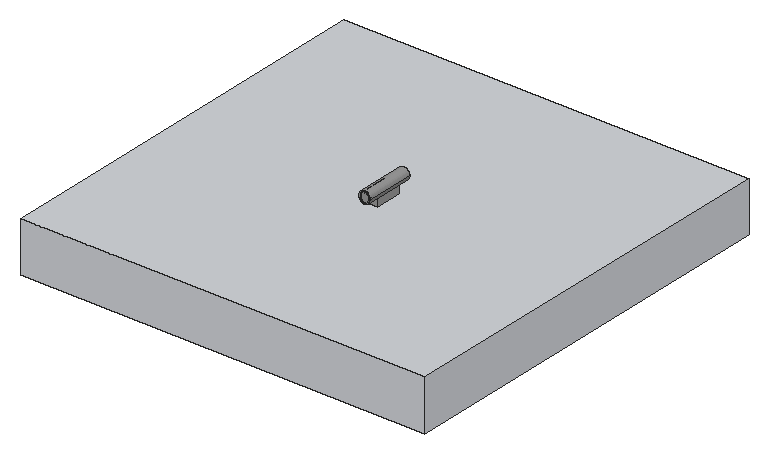
Revit family "LAMP_LUP WALL 70 DIRECT", category Luminarias, Revit 2018 (continued)
Parameters (values of type "665LM 3000 ASYM BLACK")
    4.04 3.62 3.35 3.11 2.87 2.64 2.41 \r\n2.17 1.89 1.48 1.02 0.57 0.30 0.15 0.00 0.00 0.00 0.00 \r\n0.00 0.00 0.00 0.00 0.00 0.00 0.00 0.00 0.00 0.00 0.00 \r\n0.00 0.00 0.00 0.00 0.00 0.00 0.00 0.00 0.00 0.00 0.00 \r\n0.00 0.00 0.00 0.00 0.00 0.00 0.00 0.00 0.00 0.00 0.00 \r\n0.00 0.00 0.00 0.00 0.00 0.00 0.00 0.00 0.00 \r\n455.10 356.54 275.65 201.37 136.33 87.10 53.78 46.05 \r\n42.76 42.68 43.61 43.86 43.09 40.63 37.17 32.95 28.81 \r\n25.23 22.28 20.21 18.32 16.48 14.23 12.32 10.81 9.40 8.15 \r\n7.07 6.32 5.49 4.61 4.03 3.62 3.36 3.11 2.87 2.64 2.40 \r\n2.16 1.89 1.47 1.02 0.56 0.30 0.15 0.00 0.00 0.00 0.00 \r\n0.00 0.00 0.00 0.00 0.00 0.00 0.00 0.00 0.00 0.00 0.00 \r\n0.00 0.00 0.00 0.00 0.00 0.00 0.00 0.00 0.00 0.00 0.00 \r\n0.00 0.00 0.00 0.00 0.00 0.00 0.00 0.00 0.00 0.00 0.00 \r\n0.00 0.00 0.00 0.00 0.00 0.00 0.00 0.00 0.00 \r\n455.10 356.38 275.36 200.97 135.86 86.72 53.75 45.88 \r\n42.70 42.65 43.59 43.82 43.03 40.53 37.07 32.84 28.69 \r\n25.11 22.16 20.11 18.21 16.38 14.14 12.26 10.78 9.38 8.15 \r\n7.06 6.30 5.46 4.58 4.02 3.62 3.36 3.11 2.87 2.64 2.41 \r\n2.16 1.88 1.47 1.01 0.56 0.30 0.15 0.00 0.00 0.00 0.00 \r\n0.00 0.00 0.00 0.00 0.00 0.00 0.00 0.00 0.00 0.00 0.00 \r\n0.00 0.00 0.00 0.00 0.00 0.00 0.00 0.00 0.00 0.00 0.00 \r\n0.00 0.00 0.00 0.00 0.00 0.00 0.00 0.00 0.00 0.00 0.00 \r\n0.00 0.00 0.00 0.00 0.00 0.00 0.00 0.00 0.00 \r\n455.10 356.32 275.27 200.83 135.70 86.61 53.71 45.85 \r\n42.69 42.65 43.58 43.80 43.01 40.49 37.02 32.80 28.63 \r\n25.04 22.09 20.04 18.15 16.32 14.09 12.21 10.75 9.36 8.14 \r\n7.06 6.29 5.46 4.56 4.01 3.62 3.36 3.11 2.88 2.64 2.41 \r\n2.16 1.88 1.46 1.00 0.55 0.30 0.15 0.00 0.00 0.00 0.00 \r\n0.00 0.00 0.00 0.00 0.00 0.00 0.00 0.00 0.00 0.00 0.00 \r\n0.00 0.00 0.00 0.00 0.00 0.00 0.00 0.00 0.00 0.00 0.00 \r\n0.00 0.00 0.00 0.00 0.00 0.00 0.00 0.00 0.00 0.00 0.00 \r\n0.00 0.00 0.00 0.00 0.00 0.00 0.00 0.00 0.00 \r\n455.10 356.38 275.36 200.97 135.86 86.72 53.75 45.88 \r\n42.70 42.65 43.59 43.82 43.03 40.53 37.07 32.84 28.69 \r\n25.11 22.16 20.11 18.21 16.38 14.14 12.26 10.78 9.38 8.15 \r\n7.06 6.30 5.46 4.58 4.02 3.62 3.36 3.11 2.87 2.64 2.41 \r\n2.16 1.88 1.47 1.01 0.56 0.30 0.15 0.00 0.00 0.00 0.00 \r\n0.00 0.00 0.00 0.00 0.00 0.00 0.00 0.00 0.00 0.00 0.00 \r\n0.00 0.00 0.00 0.00 0.00 0.00 0.00 0.00 0.00 0.00 0.00 \r\n0.00 0.00 0.00 0.00 0.00 0.00 0.00 0.00 0.00 0.00 0.00 \r\n0.00 0.00 0.00 0.00 0.00 0.00 0.00 0.00 0.00 \r\n455.10 356.54 275.65 201.37 136.33 87.10 53.78 46.05 \r\n42.76 42.68 43.61 43.86 43.09 40.63 37.17 32.95 28.81 \r\n25.23 22.28 20.21 18.32 16.48 14.23 12.32 10.81 9.40 8.15 \r\n7.07 6.32 5.49 4.61 4.03 3.62 3.36 3.11 2.87 2.64 2.40 \r\n2.16 1.89 1.47 1.02 0.56 0.30 0.15 0.00 0.00 0.00 0.00 \r\n0.00 0.00 0.00 0.00 0.00 0.00 0.00 0.00 0.00 0.00 0.00 \r\n0.00 0.00 0.00 0.00 0.00 0.00 0.00 0.00 0.00 0.00 0.00 \r\n0.00 0.00 0.00 0.00 0.00 0.00 0.00 0.00 0.00 0.00 0.00 \r\n0.00 0.00 0.00 0.00 0.00 0.00 0.00 0.00 0.00 \r\n455.10 356.81 276.12 202.01 136.89 87.80 53.84 46.31 \r\n42.84 42.72 43.63 43.90 43.14 40.73 37.28 33.05 28.93 \r\n25.34 22.40 20.31 18.41 16.59 14.31 12.39 10.85 9.42 8.16 \r\n7.07 6.33 5.51 4.64 4.04 3.62 3.35 3.11 2.87 2.64 2.41 \r\n2.17 1.89 1.48 1.02 0.57 0.30 0.15 0.00 0.00 0.00 0.00 \r\n0.00 0.00 0.00 0.00 0.00 0.00 0.00 0.00 0.00 0.00 0.00 \r\n0.00 0.00 0.00 0.00 0.00 0.00 0.00 0.00 0.00 0.00 0.00 \r\n0.00 0.00 0.00 0.00 0.00 0.00 0.00 0.00 0.00 0.00 0.00 \r\n0.00 0.00 0.00 0.00 0.00 0.00 0.00 0.00 0.00 \r\n455.10 357.19 276.79 202.78 137.76 88.73 53.94 46.55 \r\n42.90 42.75 43.66 43.94 43.19 40.82 37.39 33.15 29.05 \r\n25.46 22.51 20.42 18.51 16.69 14.40 12.45 10.87 9.44 8.17 \r\n7.10 6.35 5.54 4.66 4.05 3.62 3.35 3.11 2.87 2.64 2.41 \r\n2.17 1.89 1.49 1.03 0.57 0.30 0.16 0.00 0.00 0.00 0.00 \r\n0.00 0.00 0.00 0.00 0.00 0.00 0.00 0.00 0.00 0.00 0.00 \r\n0.00 0.00 0.00 0.00 0.00 0.00 0.00 0.00 0.00 0.00 0.00 \r\n0.00 0.00 0.00 0.00 0.00 0.00 0.00 0.00 0.00 0.00 0.00 \r\n0.00 0.00 0.00 0.00 0.00 0.00 0.00 0.00 0.00 \r\n455.10 357.67 277.64 203.84 138.93 89.85 54.76 46.79 \r\n42.98 42.78 43.68 43.98 43.27 40.91 37.49 33.26 29.16 \r\n25.58 22.60 20.52 18.62 16.78 14.48 12.51 10.91 9.45 8.18 \r\n7.12 6.36 5.56 4.68 4.06 3.62 3.35 3.10 2.87 2.64 2.41 \r\n2.17 1.90 1.49 1.04 0.58 0.31 0.16 0.00 0.00 0.00 0.00 \r\n0.00 0.00 0.00 0.00 0.00 0.00 0.00 0.00 0.00 0.00 0.00 \r\n0.00 0.00 0.00 0.00 0.00 0.00 0.00 0.00 0.00 0.00 0.00 \r\n0.00 0.00 0.00 0.00 0.00 0.00 0.00 0.00 0.00 0.00 0.00 \r\n0.00 0.00 0.00 0.00 0.00 0.00 0.00 0.00 0.00 \r\n455.10 358.27 278.68 205.17 140.42 90.87 56.11 47.11 \r\n43.04 42.79 43.70 44.02 43.39 40.99 37.60 33.37 29.27 \r\n25.70 22.64 20.62 18.72 16.87 14.57 12.57 10.95 9.47 8.19 \r\n7.13 6.38 5.58 4.70 4.07 3.62 3.35 3.10 2.87 2.64 2.41 \r\n2.17 1.90 1.50 1.05 0.58 0.31 0.16 0.00 0.00 0.00 0.00 \r\n0.00 0.00 0.00 0.00 0.00 0.00 0.00 0.00 0.00 0.00 0.00 \r\n0.00 0.00 0.00 0.00 0.00 0.00 0.00 0.00 0.00 0.00 0.00 \r\n0.00 0.00 0.00 0.00 0.00 0.00 0.00 0.00 0.00 0.00 0.00 \r\n0.00 0.00 0.00 0.00 0.00 0.00 0.00 0.00 0.00 \r\n455.10 358.96 279.90 206.77 142.29 92.18 57.75 47.54 \r\n43.12 42.78 43.72 44.06 43.57 41.09 37.70 33.49 29.40 \r\n25.81 22.81 20.73 18.82 16.98 14.65 12.64 10.98 9.49 8.20 \r\n7.12 6.40 5.60 4.74 4.09 3.62 3.34 3.10 2.86 2.64 2.41 \r\n2.18 1.91 1.50 1.05 0.58 0.32 0.16 0.00 0.00 0.00 0.00 \r\n0.00 0.00 0.00 0.00 0.00 0.00 0.00 0.00 0.00 0.00 0.00 \r\n0.00 0.00 0.00 0.00 0.00 0.00 0.00 0.00 0.00 0.00 0.00 \r\n0.00 0.00 0.00 0.00 0.00 0.00 0.00 0.00 0.00 0.00 0.00 \r\n0.00 0.00 0.00 0.00 0.00 0.00 0.00 0.00 0.00 \r\n455.10 359.76 281.32 208.65 144.54 93.85 60.24 48.15 \r\n43.29 42.76 43.74 44.10 43.61 41.20 37.84 33.65 29.59 \r\n26.02 23.02 20.90 18.98 17.13 14.79 12.75 11.05 9.52 8.22 \r\n7.15 6.41 5.63 4.78 4.10 3.62 3.34 3.09 2.86 2.63 2.40 \r\n2.17 1.90 1.50 1.05 0.58 0.32 0.16 0.00 0.00 0.00 0.00 \r\n0.00 0.00 0.00 0.00 0.00 0.00 0.00 0.00 0.00 0.00 0.00 \r\n0.00 0.00 0.00 0.00 0.00 0.00 0.00 0.00 0.00 0.00 0.00 \r\n0.00 0.00 0.00 0.00 0.00 0.00 0.00 0.00 0.00 0.00 0.00 \r\n0.00 0.00 0.00 0.00 0.00 0.00 0.00 0.00 0.00 \r\n455.10 360.64 282.91 210.87 147.14 96.41 62.80 48.96 \r\n43.51 42.81 43.76 44.11 43.58 41.34 38.03 33.86 29.86 \r\n26.32 23.23 21.16 19.21 17.33 14.96 12.89 11.13 9.57 8.23 \r\n7.16 6.43 5.65 4.81 4.12 3.63 3.32 3.08 2.84 2.62 2.39 \r\n2.16 1.89 1.50 1.05 0.58 0.32 0.16 0.00 0.00 0.00 0.00 \r\n0.00 0.00 0.00 0.00 0.00 0.00 0.00 0.00 0.00 0.00 0.00 \r\n0.00 0.00 0.00 0.00 0.00 0.00 0.00 0.00 0.00 0.00 0.00 \r\n0.00 0.00 0.00 0.00 0.00 0.00 0.00 0.00 0.00 0.00 0.00 \r\n0.00 0.00 0.00 0.00 0.00 0.00 0.00 0.00 0.00 \r\n455.10 361.60 284.69 213.34 150.12 99.42 65.16 50.01 \r\n43.73 42.97 43.77 44.12 43.63 41.48 38.22 34.11 30.13 \r\n26.60 23.58 21.41 19.44 17.54 15.15 13.03 11.22 9.62 8.26 \r\n7.16 6.45 5.68 4.86 4.14 3.63 3.31 3.06 2.83 2.60 2.38 \r\n2.15 1.89 1.50 1.05 0.59 0.32 0.16 0.00 0.00 0.00 0.00 \r\n0.00 0.00 0.00 0.00 0.00 0.00 0.00 0.00 0.00 0.00 0.00 \r\n0.00 0.00 0.00 0.00 0.00 0.00 0.00 0.00 0.00 0.00 0.00 \r\n0.00 0.00 0.00 0.00 0.00 0.00 0.00 0.00 0.00 0.00 0.00 \r\n0.00 0.00 0.00 0.00 0.00 0.00 0.00 0.00 0.00 \r\n455.10 362.67 286.64 215.98 153.05 102.71 67.06 51.02 \r\n43.98 43.09 43.78 44.14 43.82 41.61 38.39 34.33 30.41 \r\n26.89 23.83 21.66 19.66 17.74 15.33 13.17 11.31 9.66 8.28 \r\n7.19 6.46 5.71 4.90 4.17 3.64 3.30 3.05 2.81 2.59 2.37 \r\n2.14 1.89 1.49 1.05 0.60 0.32 0.16 0.00 0.00 0.00 0.00 \r\n0.00 0.00 0.00 0.00 0.00 0.00 0.00 0.00 0.00 0.00 0.00 \r\n0.00 0.00 0.00 0.00 0.00 0.00 0.00 0.00 0.00 0.00 0.00 \r\n0.00 0.00 0.00 0.00 0.00 0.00 0.00 0.00 0.00 0.00 0.00 \r\n0.00 0.00 0.00 0.00 0.00 0.00 0.00 0.00 0.00 \r\n455.10 363.83 288.77 218.80 156.07 106.01 68.74 51.98 \r\n44.19 43.15 43.80 44.16 43.84 41.74 38.59 34.54 30.67 \r\n27.19 24.13 21.91 19.89 17.95 15.51 13.31 11.40 9.71 8.31 \r\n7.19 6.48 5.74 4.94 4.19 3.64 3.28 3.03 2.79 2.57 2.35 \r\n2.13 1.88 1.49 1.05 0.60 0.32 0.16 0.00 0.00 0.00 0.00 \r\n0.00 0.00 0.00 0.00 0.00 0.00 0.00 0.00 0.00 0.00 0.00 \r\n0.00 0.00 0.00 0.00 0.00 0.00 0.00 0.00 0.00 0.00 0.00 \r\n0.00 0.00 0.00 0.00 0.00 0.00 0.00 0.00 0.00 0.00 0.00 \r\n0.00 0.00 0.00 0.00 0.00 0.00 0.00 0.00 0.00 \r\n455.10 365.10 291.05 221.78 159.48 109.04 70.36 53.34 \r\n44.43 43.11 43.81 44.17 43.84 41.88 38.78 34.78 30.96 \r\n27.48 24.39 22.17 20.12 18.17 15.69 13.45 11.50 9.76 8.33 \r\n7.19 6.50 5.76 4.98 4.22 3.65 3.28 3.01 2.78 2.55 2.34 \r\n2.11 1.86 1.48 1.06 0.61 0.32 0.17 0.00 0.00 0.00 0.00 \r\n0.00 0.00 0.00 0.00 0.00 0.00 0.00 0.00 0.00 0.00 0.00 \r\n0.00 0.00 0.00 0.00 0.00 0.00 0.00 0.00 0.00 0.00 0.00 \r\n0.00 0.00 0.00 0.00 0.00 0.00 0.00 0.00 0.00 0.00 0.00 \r\n0.00 0.00 0.00 0.00 0.00 0.00 0.00 0.00 0.00 \r\n455.10 366.45 293.46 224.91 163.27 112.42 73.62 54.69 \r\n44.84 43.23 43.83 44.19 44.02 42.02 38.96 34.98 31.22 \r\n27.77 24.69 22.42 20.35 18.37 15.87 13.60 11.58 9.81 8.35 \r\n7.23 6.51 5.79 5.03 4.24 3.65 3.26 3.00 2.77 2.54 2.33 \r\n2.10 1.85 1.48 1.06 0.62 0.33 0.17 0.00 0.00 0.00 0.00 \r\n0.00 0.00 0.00 0.00 0.00 0.00 0.00 0.00 0.00 0.00 0.00 \r\n0.00 0.00 0.00 0.00 0.00 0.00 0.00 0.00 0.00 0.00 0.00 \r\n0.00 0.00 0.00 0.00 0.00 0.00 0.00 0.00 0.00 0.00 0.00 \r\n0.00 0.00 0.00 0.00 0.00 0.00 0.00 0.00 0.00 \r\n455.10 367.90 296.05 228.42 167.44 116.17 77.81 56.70 \r\n45.78 43.72 43.99 44.26 44.03 42.15 39.16 35.24 31.52 \r\n28.09 24.97 22.69 20.59 18.57 16.07 13.75 11.68 9.87 8.38 \r\n7.25 6.52 5.82 5.07 4.26 3.66 3.25 2.99 2.75 2.53 2.32 \r\n2.09 1.84 1.48 1.06 0.62 0.33 0.17 0.00 0.00 0.00 0.00 \r\n0.00 0.00 0.00 0.00 0.00 0.00 0.00 0.00 0.00 0.00 0.00 \r\n0.00 0.00 0.00 0.00 0.00 0.00 0.00 0.00 0.00 0.00 0.00 \r\n0.00 0.00 0.00 0.00 0.00 0.00 0.00 0.00 0.00 0.00 0.00 \r\n0.00 0.00 0.00 0.00 0.00 0.00 0.00 0.00 0.00 \r\n455.10 369.51 298.81 232.49 172.12 120.85 82.72 59.52 \r\n47.55 44.34 44.30 44.43 44.10 42.31 39.39 35.55 31.90 \r\n28.52 25.45 23.12 20.95 18.89 16.32 13.96 11.87 10.01 \r\n8.48 7.29 6.56 5.84 5.10 4.32 3.70 3.27 2.98 2.73 2.50 \r\n2.30 2.09 1.84 1.47 1.05 0.61 0.33 0.17 0.00 0.00 0.00 \r\n0.00 0.00 0.00 0.00 0.00 0.00 0.00 0.00 0.00 0.00 0.00 \r\n0.00 0.00 0.00 0.00 0.00 0.00 0.00 0.00 0.00 0.00 0.00 \r\n0.00 0.00 0.00 0.00 0.00 0.00 0.00 0.00 0.00 0.00 0.00 \r\n0.00 0.00 0.00 0.00 0.00 0.00 0.00 0.00 0.00 0.00 \r\n455.10 371.26 301.74 237.00 177.12 126.68 88.06 63.51 \r\n49.90 45.04 44.77 44.65 44.33 42.47 39.64 35.90 32.32 \r\n28.99 25.94 23.56 21.35 19.20 16.58 14.19 12.06 10.16 \r\n8.58 7.33 6.58 5.86 5.13 4.36 3.74 3.29 2.97 2.70 2.48 \r\n2.29 2.07 1.82 1.47 1.05 0.60 0.33 0.17 0.00 0.00 0.00 \r\n0.00 0.00 0.00 0.00 0.00 0.00 0.00 0.00 0.00 0.00 0.00 \r\n0.00 0.00 0.00 0.00 0.00 0.00 0.00 0.00 0.00 0.00 0.00 \r\n0.00 0.00 0.00 0.00 0.00 0.00 0.00 0.00 0.00 0.00 0.00 \r\n0.00 0.00 0.00 0.00 0.00 0.00 0.00 0.00 0.00 0.00 \r\n455.10 373.13 304.84 241.63 182.40 132.71 93.05 68.06 \r\n52.46 46.35 45.25 44.86 44.33 42.63 39.87 36.22 32.73 \r\n29.45 26.40 24.00 21.74 19.54 16.85 14.41 12.25 10.32 \r\n8.68 7.39 6.61 5.88 5.16 4.41 3.79 3.30 2.96 2.68 2.46 \r\n2.27 2.06 1.80 1.46 1.05 0.60 0.33 0.16 0.00 0.00 0.00 \r\n0.00 0.00 0.00 0.00 0.00 0.00 0.00 0.00 0.00 0.00 0.00 \r\n0.00 0.00 0.00 0.00 0.00 0.00 0.00 0.00 0.00 0.00 0.00 \r\n0.00 0.00 0.00 0.00 0.00 0.00 0.00 0.00 0.00 0.00 0.00 \r\n0.00 0.00 0.00 0.00 0.00 0.00 0.00 0.00 0.00 0.00 \r\n455.10 375.10 308.11 246.37 187.98 138.91 98.76 72.30 \r\n54.90 47.14 45.70 45.10 44.49 42.78 40.11 36.56 33.14 \r\n29.91 26.87 24.45 22.12 19.85 17.12 14.63 12.44 10.46 \r\n8.78 7.44 6.64 5.91 5.19 4.45 3.83 3.33 2.95 2.66 2.44 \r\n2.25 2.04 1.80 1.46 1.05 0.60 0.33 0.16 0.00 0.00 0.00 \r\n0.00 0.00 0.00 0.00 0.00 0.00 0.00 0.00 0.00 0.00 0.00 \r\n0.00 0.00 0.00 0.00 0.00 0.00 0.00 0.00 0.00 0.00 0.00 \r\n0.00 0.00 0.00 0.00 0.00 0.00 0.00 0.00 0.00 0.00 0.00 \r\n0.00 0.00 0.00 0.00 0.00 0.00 0.00 0.00 0.00 0.00 \r\n455.10 377.17 311.53 251.22 193.79 144.65 105.08 76.06 \r\n57.52 47.59 46.19 45.29 44.55 42.94 40.36 36.89 33.56 \r\n30.37 27.38 24.89 22.51 20.16 17.38 14.85 12.62 10.61 \r\n8.89 7.48 6.67 5.93 5.22 4.50 3.88 3.36 2.94 2.63 2.41 \r\n2.24 2.03 1.79 1.46 1.05 0.61 0.33 0.16 0.00 0.00 0.00 \r\n0.00 0.00 0.00 0.00 0.00 0.00 0.00 0.00 0.00 0.00 0.00 \r\n0.00 0.00 0.00 0.00 0.00 0.00 0.00 0.00 0.00 0.00 0.00 \r\n0.00 0.00 0.00 0.00 0.00 0.00 0.00 0.00 0.00 0.00 0.00 \r\n0.00 0.00 0.00 0.00 0.00 0.00 0.00 0.00 0.00 0.00 \r\n455.10 379.34 315.12 256.17 199.41 150.28 110.96 80.64 \r\n60.06 49.11 46.61 45.54 44.67 43.10 40.60 37.22 33.96 \r\n30.83 27.86 25.34 22.90 20.48 17.65 15.07 12.82 10.76 \r\n8.98 7.54 6.70 5.95 5.24 4.55 3.92 3.37 2.93 2.61 2.39 \r\n2.22 2.02 1.78 1.45 1.05 0.61 0.33 0.16 0.00 0.00 0.00 \r\n0.00 0.00 0.00 0.00 0.00 0.00 0.00 0.00 0.00 0.00 0.00 \r\n0.00 0.00 0.00 0.00 0.00 0.00 0.00 0.00 0.00 0.00 0.00 \r\n0.00 0.00 0.00 0.00 0.00 0.00 0.00 0.00 0.00 0.00 0.00 \r\n0.00 0.00 0.00 0.00 0.00 0.00 0.00 0.00 0.00 0.00 \r\n455.10 381.61 318.86 261.29 205.62 157.08 116.41 85.79 \r\n63.23 49.58 47.43 45.74 44.78 43.27 40.84 37.56 34.38 \r\n31.30 28.35 25.78 23.28 20.80 17.90 15.30 13.01 10.91 \r\n9.09 7.57 6.73 5.98 5.28 4.60 3.96 3.40 2.92 2.59 2.37 \r\n2.20 2.01 1.77 1.45 1.05 0.61 0.32 0.16 0.00 0.00 0.00 \r\n0.00 0.00 0.00 0.00 0.00 0.00 0.00 0.00 0.00 0.00 0.00 \r\n0.00 0.00 0.00 0.00 0.00 0.00 0.00 0.00 0.00 0.00 0.00 \r\n0.00 0.00 0.00 0.00 0.00 0.00 0.00 0.00 0.00 0.00 0.00 \r\n0.00 0.00 0.00 0.00 0.00 0.00 0.00 0.00 0.00 0.00 \r\n455.10 383.97 323.10 266.75 212.41 164.88 124.07 92.58 \r\n69.38 54.00 50.19 47.68 45.55 43.86 41.26 38.00 34.87 \r\n31.84 28.94 26.33 23.77 21.18 18.19 15.51 13.17 11.04 \r\n9.20 7.67 6.82 6.05 5.33 4.65 4.01 3.44 2.94 2.59 2.36 \r\n2.18 1.99 1.75 1.44 1.05 0.60 0.32 0.16 0.00 0.00 0.00 \r\n0.00 0.00 0.00 0.00 0.00 0.00 0.00 0.00 0.00 0.00 0.00 \r\n0.00 0.00 0.00 0.00 0.00 0.00 0.00 0.00 0.00 0.00 0.00 \r\n0.00 0.00 0.00 0.00 0.00 0.00 0.00 0.00 0.00 0.00 0.00 \r\n0.00 0.00 0.00 0.00 0.00 0.00 0.00 0.00 0.00 0.00 \r\n455.10 386.43 327.57 272.53 219.76 173.43 134.21 101.77 \r\n77.65 62.19 55.72 50.62 47.35 44.76 41.89 38.54 35.44 \r\n32.48 29.64 26.99 24.33 21.63 18.51 15.72 13.31 11.16 \r\n9.33 7.85 6.96 6.17 5.42 4.71 4.05 3.48 2.99 2.62 2.36 \r\n2.17 1.96 1.74 1.42 1.04 0.61 0.32 0.16 0.00 0.00 0.00 \r\n0.00 0.00 0.00 0.00 0.00 0.00 0.00 0.00 0.00 0.00 0.00 \r\n0.00 0.00 0.00 0.00 0.00 0.00 0.00 0.00 0.00 0.00 0.00 \r\n0.00 0.00 0.00 0.00 0.00 0.00 0.00 0.00 0.00 0.00 0.00 \r\n0.00 0.00 0.00 0.00 0.00 0.00 0.00 0.00 0.00 0.00 \r\n455.10 388.98 332.16 278.93 227.69 182.34 144.03 111.97 \r\n86.92 69.41 60.76 54.27 48.90 45.72 42.52 39.09 36.02 \r\n33.11 30.35 27.65 24.91 22.08 18.83 15.93 13.43 11.28 \r\n9.46 7.98 7.11 6.30 5.50 4.77 4.11 3.53 3.03 2.64 2.36 \r\n2.15 1.94 1.72 1.41 1.04 0.61 0.32 0.16 0.00 0.00 0.00 \r\n0.00 0.00 0.00 0.00 0.00 0.00 0.00 0.00 0.00 0.00 0.00 \r\n0.00 0.00 0.00 0.00 0.00 0.00 0.00 0.00 0.00 0.00 0.00 \r\n0.00 0.00 0.00 0.00 0.00 0.00 0.00 0.00 0.00 0.00 0.00 \r\n0.00 0.00 0.00 0.00 0.00 0.00 0.00 0.00 0.00 0.00 \r\n455.10 391.61 336.87 285.47 235.81 191.41 153.53 121.69 \r\n96.36 77.82 66.38 57.26 50.48 46.69 43.13 39.64 36.59 \r\n33.74 31.05 28.31 25.48 22.53 19.14 16.14 13.57 11.40 \r\n9.58 8.15 7.26 6.42 5.59 4.82 4.15 3.58 3.07 2.66 2.35 \r\n2.13 1.92 1.71 1.40 1.03 0.60 0.32 0.16 0.00 0.00 0.00 \r\n0.00 0.00 0.00 0.00 0.00 0.00 0.00 0.00 0.00 0.00 0.00 \r\n0.00 0.00 0.00 0.00 0.00 0.00 0.00 0.00 0.00 0.00 0.00 \r\n0.00 0.00 0.00 0.00 0.00 0.00 0.00 0.00 0.00 0.00 0.00 \r\n0.00 0.00 0.00 0.00 0.00 0.00 0.00 0.00 0.00 0.00 \r\n455.10 394.33 341.69 292.09 243.80 200.70 163.52 131.56 \r\n105.59 85.34 71.71 60.75 52.22 47.63 43.76 40.18 37.16 \r\n34.38 31.76 28.97 26.04 22.98 19.45 16.34 13.70 11.52 \r\n9.71 8.31 7.41 6.55 5.68 4.88 4.20 3.62 3.12 2.69 2.35 \r\n2.12 1.90 1.68 1.39 1.02 0.59 0.32 0.16 0.00 0.00 0.00 \r\n0.00 0.00 0.00 0.00 0.00 0.00 0.00 0.00 0.00 0.00 0.00 \r\n0.00 0.00 0.00 0.00 0.00 0.00 0.00 0.00 0.00 0.00 0.00 \r\n0.00 0.00 0.00 0.00 0.00 0.00 0.00 0.00 0.00 0.00 0.00 \r\n0.00 0.00 0.00 0.00 0.00 0.00 0.00 0.00 0.00 0.00 \r\n455.10 397.12 346.62 298.80 252.00 210.03 173.46 141.66 \r\n114.88 93.45 77.09 63.97 53.46 48.57 44.38 40.74 37.74 \r\n35.01 32.46 29.63 26.61 23.41 19.77 16.55 13.84 11.64 \r\n9.84 8.46 7.56 6.67 5.76 4.94 4.25 3.67 3.16 2.72 2.34 \r\n2.10 1.87 1.66 1.37 1.01 0.60 0.32 0.16 0.00 0.00 0.00 \r\n0.00 0.00 0.00 0.00 0.00 0.00 0.00 0.00 0.00 0.00 0.00 \r\n0.00 0.00 0.00 0.00 0.00 0.00 0.00 0.00 0.00 0.00 0.00 \r\n0.00 0.00 0.00 0.00 0.00 0.00 0.00 0.00 0.00 0.00 0.00 \r\n0.00 0.00 0.00 0.00 0.00 0.00 0.00 0.00 0.00 0.00 \r\n455.10 399.99 351.66 305.58 260.38 219.38 183.23
